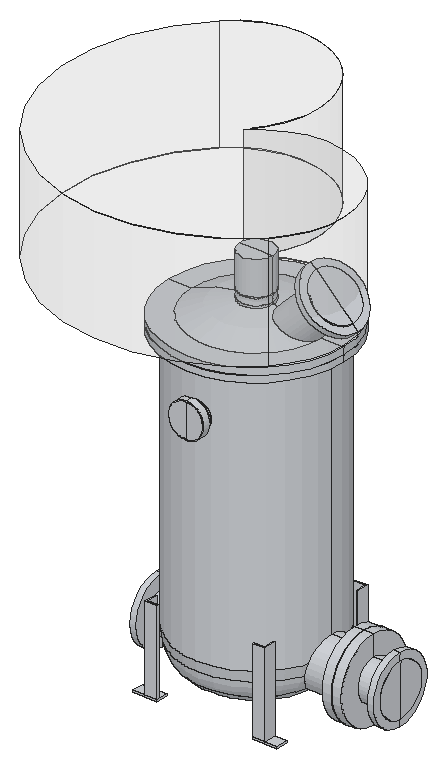
Revit family "Aquarevival_BSG25", category Mechanical Equipment, Revit 2018
Family settings
  Round Connector Dimension = Use Diameter
  Part Type = Normal
  OmniClass Number = 23.75.00.00
  OmniClass Title = Climate Control (HVAC)
  Work Plane-Based = No
  Always vertical = Yes
  Cut with Voids When Loaded = No
  Shared = No
  Room Calculation Point = No
Parameters
  Panel Location (0-4) [instance] = 0
  Panel 4 [instance] = [Panel Location (0-4)] = 4  # no
  Panel 3 [instance] = [Panel Location (0-4)] = 3  # no
  Panel 2 [instance] = [Panel Location (0-4)] = 2  # no
  Panel 1 [instance] = not(or([Panel Location (0-4)] = 2, [Panel Location (0-4)] = 3, [Panel Location (0-4)] = 4, [Panel Location (0-4)] = 0))  # no
  Outlet = 0' - 6"
  Model = "BSG25"
  Manufacturer = "Aqua Revival LLC"
  Keynote = ""
  Inlet = 0' - 6"
  Filter Discharge Rotation [instance] = 0.00°
  Filter Clearance Rotation [instance] = 0.00°
  Drain = 0' - 6"
  Description = "Regenerative Media Filter"
Reference planes (in)
  plane 1 "Center (Front/Back)": y = 0
  plane 2: z = 0
  plane 3 "Center (Left/Right)": x = 0
Forms (in)
  Revolve 1, solid
    sketch origin (-2.42435, 0, 0.85603) x (1, 0, 0) y (0, 0, 1)
      loop
        line (-14.12767, 5.39286) -> (2.50798, 5.39286) -> (2.50798, 8.70536) -> (-13.12766, 8.70536) -> (-13.12766, 10.89286) -> (-14.12767, 10.89286) -> (-14.12767, 5.39286)
      axis (-14.12767, 5.39286) -> (2.50798, 5.39286)
    angle from 0 to 360
  Extrusion 2, solid
    sketch origin (-2.42435, 0, 0.85603) x (0, 1, 0) y (0, 0, 1)
      loop
        circle (0, 5.39286) r 3.25
    from -14.26766 to -14.12767
  Revolve 3, solid
    sketch origin (0, -55.24083, 0.73959) x (0, 1, 0) y (0, 0, 1)
      loop
        line (40.62187, 45.49946) -> (44.12187, 45.49946) -> (44.12187, 47.76786) -> (42.49057, 47.76786) -> (42.39687, 47.86156) -> (42.39687, 48.01786) -> (41.87187, 48.01786) -> (41.87187, 48.41208) -> (40.71557, 48.41208) -> (40.62187, 48.31823) -> (40.62187, 45.49946)
      axis (40.62187, 45.49946) -> (44.12187, 45.49946)
    angle from 0 to 360
  Extrusion 4, solid
    sketch origin (0, 0, 0) x (1, 0, 0) y (0, 1, 0)
      loop
        line (-11.92656, -10.65994) -> (-7.91428, -10.65994) -> (-7.91428, -8.65994) -> (-11.92656, -8.65994) -> (-11.92656, -10.65994)
      loop
        line (11.92656, -10.65994) -> (11.92656, -8.65994) -> (7.91428, -8.65994) -> (7.91428, -10.65994) -> (11.92656, -10.65994)
      loop
        line (-11.92656, 10.65994) -> (-11.92656, 8.65994) -> (-7.91428, 8.65994) -> (-7.91428, 10.65994) -> (-11.92656, 10.65994)
      loop
        line (11.92656, 10.65994) -> (7.91428, 10.65994) -> (7.91428, 8.65994) -> (11.92656, 8.65994) -> (11.92656, 10.65994)
    from 0 to 0.25
  Extrusion 5, solid
    sketch origin (0, 0, 0) x (1, 0, 0) y (0, 1, 0)
      loop
        line (-7.91428, -10.65994) -> (-7.91428, -10.40994) -> (-9.67042, -10.40994) -> (-9.67042, -8.65994) -> (-9.92042, -8.65994) -> (-9.92042, -10.65994) -> (-7.91428, -10.65994)
      loop
        line (7.91428, -10.65994) -> (9.92042, -10.65994) -> (9.92042, -8.65994) -> (9.67042, -8.65994) -> (9.67042, -10.40994) -> (7.91428, -10.40994) -> (7.91428, -10.65994)
      loop
        line (-7.91428, 10.65994) -> (-9.92042, 10.65994) -> (-9.92042, 8.65994) -> (-9.67042, 8.65994) -> (-9.67042, 10.40994) -> (-7.91428, 10.40994) -> (-7.91428, 10.65994)
      loop
        line (7.91428, 10.65994) -> (7.91428, 10.40994) -> (9.67042, 10.40994) -> (9.67042, 8.65994) -> (9.92042, 8.65994) -> (9.92042, 10.65994) -> (7.91428, 10.65994)
    from 0.25 to 14.1875
  Extrusion 6, solid, visible <- "Panel 1"
    sketch origin (-0.01774, -3.35489, -0.08161) x (1, 0, 0) y (0, 1, 0)
      loop
        line (-26.32299, -12.86214) -> (-26.32299, -13.11014) -> (-27.35099, -13.11014) -> (-27.35099, -13.77514)
        arc (-27.35099, -13.77514) -> (-27.30413, -13.88828) -> (-27.19099, -13.93514) r 0.16
        line (-27.19099, -13.93514) -> (-11.87099, -13.93514)
        arc (-11.87099, -13.93514) -> (-11.76846, -13.89267) -> (-11.72599, -13.79014) r 0.145
        line (-11.72599, -13.79014) -> (-11.72599, -13.11014) -> (-12.65099, -13.11014) -> (-12.65099, -12.86215) -> (-11.62098, -12.86215)
        arc (-11.62098, -12.86215) -> (-11.51852, -12.81975) -> (-11.47597, -12.71735) r 0.14501
        line (-11.47597, -12.71735) -> (-11.47597, -7.00721)
        arc (-11.47597, -7.00721) -> (-11.51845, -6.90466) -> (-11.62101, -6.86218) r 0.14504
        line (-11.62101, -6.86218) -> (-27.331, -6.86218)
        arc (-27.331, -6.86218) -> (-27.43352, -6.90464) -> (-27.47598, -7.00716) r 0.14498
        line (-27.47598, -7.00716) -> (-27.47598, -12.71714)
        arc (-27.47598, -12.71714) -> (-27.43351, -12.81967) -> (-27.33099, -12.86214) r 0.145
        line (-27.33099, -12.86214) -> (-26.32299, -12.86214)
    from 35.1762 to 51.1012
  Extrusion 7, solid, visible <- "Panel 1"
    sketch origin (-0.01775, -3.35487, -0.08161) x (1, 0, 0) y (0, 1, 0)
      loop
        line (-27.47599, -6.86218) -> (-7.18378, -6.86218)
        arc (-7.18378, -6.86218) -> (-9.92977, -4.2146) -> (-11.74944, -0.86215) r 12.5
        line (-11.74944, -0.86215) -> (-27.47599, -0.86215) -> (-27.47599, -6.86218)
    from 50.9012 to 51.1012
  Extrusion 8, solid, visible <- "Panel 1"
    sketch origin (-0.01775, -3.35487, -0.08161) x (0, 1, 0) y (0, 0, 1)
      loop
        line (-6.86218, 50.9012) -> (-6.86218, 49.53074) -> (-6.61218, 49.53074) -> (-6.61218, 50.9012) -> (-6.86218, 50.9012)
    from -27.47599 to -7.47602
  Extrusion 9, solid, visible <- "Panel 1"
    sketch origin (-0.01775, -3.35487, 86.19579) x (0, -1, 0) y (-1, 0, 0)
      loop
        line (6.86218, 7.18378) -> (6.86218, 27.47599) -> (0.86215, 27.47599) -> (0.86215, 11.74944)
        arc (0.86215, 11.74944) -> (4.2146, 9.92977) -> (6.86218, 7.18378) r 12.5
    from 50.9012 to 51.1012
  Extrusion 10, solid, visible <- "Panel 1"
    sketch origin (-0.01775, -3.35487, 86.19579) x (0, 1, 0) y (0, 0, 1)
      loop
        line (-6.86218, -50.9012) -> (-6.61218, -50.9012) -> (-6.61218, -49.53074) -> (-6.86218, -49.53074) -> (-6.86218, -50.9012)
    from -27.47599 to -7.47599
  Revolve 11, solid, visible <- "Panel 1"
    sketch origin (-19.49372, -64.8959, -0.08161) x (0, -1, 0) y (0, 0, 1)
      loop
        line (-45.98085, 39.52627) -> (-45.98085, 40.27627)
        arc (-45.98085, 40.27627) -> (-46.1273, 40.62983) -> (-46.48085, 40.77627) r 0.5
        line (-46.48085, 40.77627) -> (-46.60585, 40.77627) -> (-46.60585, 40.02627) -> (-47.35585, 40.02627) -> (-47.35585, 40.10855) -> (-47.60585, 40.10855) -> (-47.60585, 39.52627) -> (-45.98085, 39.52627)
      axis (-47.60585, 39.52627) -> (-45.98085, 39.52627)
    angle from 0 to 360
  Revolve 12, solid
    sketch origin (0, 0, 0) x (1, 0, 0) y (0, 0, 1)
      loop
        line (0, 65.30547) -> (-2.75, 65.30547) -> (-2.75, 59.74297) -> (-2.75, 59.53467)
        arc (-2.75, 59.53467) -> (-2.69587, 58.99334) -> (-2.75, 58.45202) r 2.73402
        line (-2.75, 58.45202) -> (-2.75, 58.09177)
        arc (-2.75, 58.09177) -> (-6.80878, 57.3046) -> (-10.68411, 55.86405) r 25.1875
        line (-10.68411, 55.86405) -> (-14.5, 55.86405) -> (-14.5, 54.73906) -> (-14.34632, 54.73906) -> (-14.34632, 54.67656) -> (-14.5, 54.67656) -> (-14.5, 53.61405) -> (-12.5, 53.61405) -> (-12.5, 9.61405) -> (-12.1436, 7.81164)
        arc (-12.1436, 7.81164) -> (-11.75203, 6.26757) -> (-10.90607, 4.91782) r 5.13461
        arc (-10.90607, 4.91782) -> (-9.53802, 3.68247) -> (-7.91428, 2.81006) r 7.65294
        arc (-7.91428, 2.81006) -> (-4.0483, 1.46778) -> (0, 0.86889) r 21.88
        line (0, 0.86889) -> (0, 65.30547)
      axis (0, 65.30547) -> (0, 0.86889)
    angle from 0 to 360
  Revolve 13, solid
    sketch origin (0, 0, 0) x (1, 0, 0) y (0, 0, 1)
      loop
        line (23.97005, 8.23906) -> (23.97005, 12.48906) -> (23.83005, 12.48906) -> (23.83005, 13.73905) -> (22.83005, 13.73905) -> (22.83005, 11.55155) -> (19.41669, 11.55155) -> (19.41669, 14.98906) -> (17.89411, 14.98906) -> (17.89411, 14.95247) -> (17.84947, 14.95247) -> (17.84947, 14.98906) -> (16.34119, 14.98906) -> (16.34119, 12.55155) -> (6.09119, 12.55155) -> (6.09119, 8.23906) -> (23.97005, 8.23906)
      axis (6.09119, 8.23906) -> (23.97005, 8.23906)
    angle from 0 to 360
  Extrusion 14, solid, visible <- "Panel 2"
    sketch origin (0.01774, -3.35489, -0.08161) x (-1, 0, 0) y (0, -1, 0)
      loop
        line (-26.32299, 12.86214) -> (-27.33099, 12.86214)
        arc (-27.33099, 12.86214) -> (-27.43351, 12.81967) -> (-27.47598, 12.71714) r 0.145
        line (-27.47598, 12.71714) -> (-27.47598, 7.00716)
        arc (-27.47598, 7.00716) -> (-27.43352, 6.90464) -> (-27.331, 6.86218) r 0.14498
        line (-27.331, 6.86218) -> (-11.62101, 6.86218)
        arc (-11.62101, 6.86218) -> (-11.51845, 6.90466) -> (-11.47597, 7.00721) r 0.14504
        line (-11.47597, 7.00721) -> (-11.47597, 12.71735)
        arc (-11.47597, 12.71735) -> (-11.51852, 12.81975) -> (-11.62098, 12.86215) r 0.14501
        line (-11.62098, 12.86215) -> (-12.65099, 12.86215) -> (-12.65099, 13.11014) -> (-11.72599, 13.11014) -> (-11.72599, 13.79014)
        arc (-11.72599, 13.79014) -> (-11.76846, 13.89267) -> (-11.87099, 13.93514) r 0.145
        line (-11.87099, 13.93514) -> (-27.19099, 13.93514)
        arc (-27.19099, 13.93514) -> (-27.30413, 13.88828) -> (-27.35099, 13.77514) r 0.16
        line (-27.35099, 13.77514) -> (-27.35099, 13.11014) -> (-26.32299, 13.11014) -> (-26.32299, 12.86214)
    from 35.1762 to 51.1012
  Extrusion 15, solid, visible <- "Panel 2"
    sketch origin (0.01775, -3.35487, -0.08161) x (-1, 0, 0) y (0, -1, 0)
      loop
        line (-27.47599, 6.86218) -> (-27.47599, 0.86215) -> (-11.74944, 0.86215)
        arc (-11.74944, 0.86215) -> (-9.92977, 4.2146) -> (-7.18378, 6.86218) r 12.5
        line (-7.18378, 6.86218) -> (-27.47599, 6.86218)
    from 50.9012 to 51.1012
  Extrusion 16, solid, visible <- "Panel 2"
    sketch origin (0.01775, -3.35487, -0.08161) x (0, 1, 0) y (0, 0, -1)
      loop
        line (-6.86218, -50.9012) -> (-6.61218, -50.9012) -> (-6.61218, -49.53074) -> (-6.86218, -49.53074) -> (-6.86218, -50.9012)
    from -27.47599 to -7.47602
  Extrusion 17, solid, visible <- "Panel 2"
    sketch origin (0.01775, -3.35487, 86.19579) x (0, 1, 0) y (1, 0, 0)
      loop
        arc (-6.86218, 7.18378) -> (-4.2146, 9.92977) -> (-0.86215, 11.74944) r 12.5
        line (-0.86215, 11.74944) -> (-0.86215, 27.47599) -> (-6.86218, 27.47599) -> (-6.86218, 7.18378)
    from 50.9012 to 51.1012
  Extrusion 18, solid, visible <- "Panel 2"
    sketch origin (0.01775, -3.35487, 86.19579) x (0, 1, 0) y (0, 0, -1)
      loop
        line (-6.86218, 50.9012) -> (-6.86218, 49.53074) -> (-6.61218, 49.53074) -> (-6.61218, 50.9012) -> (-6.86218, 50.9012)
    from -27.47599 to -7.47599
  Revolve 19, solid, visible <- "Panel 2"
    sketch origin (19.49372, -64.8959, -0.08161) x (0, -1, 0) y (0, 0, -1)
      loop
        line (-45.98085, -39.52627) -> (-47.60585, -39.52627) -> (-47.60585, -40.10855) -> (-47.35585, -40.10855) -> (-47.35585, -40.02627) -> (-46.60585, -40.02627) -> (-46.60585, -40.77627) -> (-46.48085, -40.77627)
        arc (-46.48085, -40.77627) -> (-46.1273, -40.62983) -> (-45.98085, -40.27627) r 0.5
        line (-45.98085, -40.27627) -> (-45.98085, -39.52627)
      axis (-47.60585, -39.52627) -> (-45.98085, -39.52627)
    angle from 0 to 360
  Extrusion 20, solid, visible <- "Panel 3"
    sketch origin (0.01774, 3.35489, -0.08161) x (-1, 0, 0) y (0, -1, 0)
      loop
        line (-26.32299, -12.86214) -> (-26.32299, -13.11014) -> (-27.35099, -13.11014) -> (-27.35099, -13.77514)
        arc (-27.35099, -13.77514) -> (-27.30413, -13.88828) -> (-27.19099, -13.93514) r 0.16
        line (-27.19099, -13.93514) -> (-11.87099, -13.93514)
        arc (-11.87099, -13.93514) -> (-11.76846, -13.89267) -> (-11.72599, -13.79014) r 0.145
        line (-11.72599, -13.79014) -> (-11.72599, -13.11014) -> (-12.65099, -13.11014) -> (-12.65099, -12.86215) -> (-11.62098, -12.86215)
        arc (-11.62098, -12.86215) -> (-11.51852, -12.81975) -> (-11.47597, -12.71735) r 0.14501
        line (-11.47597, -12.71735) -> (-11.47597, -7.00721)
        arc (-11.47597, -7.00721) -> (-11.51845, -6.90466) -> (-11.62101, -6.86218) r 0.14504
        line (-11.62101, -6.86218) -> (-27.331, -6.86218)
        arc (-27.331, -6.86218) -> (-27.43352, -6.90464) -> (-27.47598, -7.00716) r 0.14498
        line (-27.47598, -7.00716) -> (-27.47598, -12.71714)
        arc (-27.47598, -12.71714) -> (-27.43351, -12.81967) -> (-27.33099, -12.86214) r 0.145
        line (-27.33099, -12.86214) -> (-26.32299, -12.86214)
    from 35.1762 to 51.1012
  Extrusion 21, solid, visible <- "Panel 3"
    sketch origin (0.01775, 3.35487, -0.08161) x (-1, 0, 0) y (0, -1, 0)
      loop
        line (-27.47599, -6.86218) -> (-7.18378, -6.86218)
        arc (-7.18378, -6.86218) -> (-9.92977, -4.2146) -> (-11.74944, -0.86215) r 12.5
        line (-11.74944, -0.86215) -> (-27.47599, -0.86215) -> (-27.47599, -6.86218)
    from 50.9012 to 51.1012
  Extrusion 22, solid, visible <- "Panel 3"
    sketch origin (0.01775, 3.35487, -0.08161) x (0, -1, 0) y (0, 0, 1)
      loop
        line (-6.86218, 50.9012) -> (-6.86218, 49.53074) -> (-6.61218, 49.53074) -> (-6.61218, 50.9012) -> (-6.86218, 50.9012)
    from -27.47599 to -7.47602
  Extrusion 23, solid, visible <- "Panel 3"
    sketch origin (0.01775, 3.35487, 86.19579) x (0, 1, 0) y (1, 0, 0)
      loop
        line (6.86218, 7.18378) -> (6.86218, 27.47599) -> (0.86215, 27.47599) -> (0.86215, 11.74944)
        arc (0.86215, 11.74944) -> (4.2146, 9.92977) -> (6.86218, 7.18378) r 12.5
    from 50.9012 to 51.1012
  Extrusion 24, solid, visible <- "Panel 3"
    sketch origin (0.01775, 3.35487, 86.19579) x (0, -1, 0) y (0, 0, 1)
      loop
        line (-6.86218, -50.9012) -> (-6.61218, -50.9012) -> (-6.61218, -49.53074) -> (-6.86218, -49.53074) -> (-6.86218, -50.9012)
    from -27.47599 to -7.47599
  Revolve 25, solid, visible <- "Panel 3"
    sketch origin (19.49372, 64.8959, -0.08161) x (0, 1, 0) y (0, 0, 1)
      loop
        line (-45.98085, 39.52627) -> (-45.98085, 40.27627)
        arc (-45.98085, 40.27627) -> (-46.1273, 40.62983) -> (-46.48085, 40.77627) r 0.5
        line (-46.48085, 40.77627) -> (-46.60585, 40.77627) -> (-46.60585, 40.02627) -> (-47.35585, 40.02627) -> (-47.35585, 40.10855) -> (-47.60585, 40.10855) -> (-47.60585, 39.52627) -> (-45.98085, 39.52627)
      axis (-47.60585, 39.52627) -> (-45.98085, 39.52627)
    angle from 0 to 360
  Extrusion 26, solid, visible <- "Panel 4"
    sketch origin (-0.01774, 3.35489, -0.08161) x (1, 0, 0) y (0, 1, 0)
      loop
        line (-26.32299, 12.86214) -> (-27.33099, 12.86214)
        arc (-27.33099, 12.86214) -> (-27.43351, 12.81967) -> (-27.47598, 12.71714) r 0.145
        line (-27.47598, 12.71714) -> (-27.47598, 7.00716)
        arc (-27.47598, 7.00716) -> (-27.43352, 6.90464) -> (-27.331, 6.86218) r 0.14498
        line (-27.331, 6.86218) -> (-11.62101, 6.86218)
        arc (-11.62101, 6.86218) -> (-11.51845, 6.90466) -> (-11.47597, 7.00721) r 0.14504
        line (-11.47597, 7.00721) -> (-11.47597, 12.71735)
        arc (-11.47597, 12.71735) -> (-11.51852, 12.81975) -> (-11.62098, 12.86215) r 0.14501
        line (-11.62098, 12.86215) -> (-12.65099, 12.86215) -> (-12.65099, 13.11014) -> (-11.72599, 13.11014) -> (-11.72599, 13.79014)
        arc (-11.72599, 13.79014) -> (-11.76846, 13.89267) -> (-11.87099, 13.93514) r 0.145
        line (-11.87099, 13.93514) -> (-27.19099, 13.93514)
        arc (-27.19099, 13.93514) -> (-27.30413, 13.88828) -> (-27.35099, 13.77514) r 0.16
        line (-27.35099, 13.77514) -> (-27.35099, 13.11014) -> (-26.32299, 13.11014) -> (-26.32299, 12.86214)
    from 35.1762 to 51.1012
  Extrusion 27, solid, visible <- "Panel 4"
    sketch origin (-0.01775, 3.35487, -0.08161) x (1, 0, 0) y (0, 1, 0)
      loop
        line (-27.47599, 6.86218) -> (-27.47599, 0.86215) -> (-11.74944, 0.86215)
        arc (-11.74944, 0.86215) -> (-9.92977, 4.2146) -> (-7.18378, 6.86218) r 12.5
        line (-7.18378, 6.86218) -> (-27.47599, 6.86218)
    from 50.9012 to 51.1012
  Extrusion 28, solid, visible <- "Panel 4"
    sketch origin (-0.01775, 3.35487, -0.08161) x (0, -1, 0) y (0, 0, -1)
      loop
        line (-6.86218, -50.9012) -> (-6.61218, -50.9012) -> (-6.61218, -49.53074) -> (-6.86218, -49.53074) -> (-6.86218, -50.9012)
    from -27.47599 to -7.47602
  Extrusion 29, solid, visible <- "Panel 4"
    sketch origin (-0.01775, 3.35487, 86.19579) x (0, -1, 0) y (-1, 0, 0)
      loop
        arc (-6.86218, 7.18378) -> (-4.2146, 9.92977) -> (-0.86215, 11.74944) r 12.5
        line (-0.86215, 11.74944) -> (-0.86215, 27.47599) -> (-6.86218, 27.47599) -> (-6.86218, 7.18378)
    from 50.9012 to 51.1012
  Extrusion 30, solid, visible <- "Panel 4"
    sketch origin (-0.01775, 3.35487, 86.19579) x (0, -1, 0) y (0, 0, -1)
      loop
        line (-6.86218, 50.9012) -> (-6.86218, 49.53074) -> (-6.61218, 49.53074) -> (-6.61218, 50.9012) -> (-6.86218, 50.9012)
    from -27.47599 to -7.47599
  Revolve 31, solid, visible <- "Panel 4"
    sketch origin (-19.49372, 64.8959, -0.08161) x (0, 1, 0) y (0, 0, -1)
      loop
        line (-45.98085, -39.52627) -> (-47.60585, -39.52627) -> (-47.60585, -40.10855) -> (-47.35585, -40.10855) -> (-47.35585, -40.02627) -> (-46.60585, -40.02627) -> (-46.60585, -40.77627) -> (-46.48085, -40.77627)
        arc (-46.48085, -40.77627) -> (-46.1273, -40.62983) -> (-45.98085, -40.27627) r 0.5
        line (-45.98085, -40.27627) -> (-45.98085, -39.52627)
      axis (-47.60585, -39.52627) -> (-45.98085, -39.52627)
    angle from 0 to 360
Cuts and joins
  joined: Revolve 1, Revolve 3, Extrusion 5
Lines and regions (in)
  reference lines
    curve 1: line (0, 0, 0) -> (19, 0, 0)
    curve 2: line (0, 0, 0) -> (0, 19, 0)
  model lines, style "Filter", visible <- "Panel 1"
    curve 3: line (-24.12213, -17.29003, 48.37699) -> (-15.74387, -17.29003, 48.37699)
    curve 4: line (-24.12213, -17.29003, 42.65973) -> (-24.12213, -17.29003, 48.37699)
    curve 5: line (-15.74387, -17.29003, 42.65973) -> (-24.12213, -17.29003, 42.65973)
    curve 6: line (-15.74387, -17.29003, 48.37699) -> (-15.74387, -17.29003, 42.65973)
    curve 7: line (-16.84245, -17.29003, 43.76639) -> (-23.02355, -17.29003, 43.76639)
    curve 8: line (-16.84245, -17.29003, 47.27033) -> (-16.84245, -17.29003, 43.76639)
    curve 9: line (-23.02355, -17.29003, 47.27033) -> (-16.84245, -17.29003, 47.27033)
    curve 10: line (-23.02355, -17.29003, 43.76639) -> (-23.02355, -17.29003, 47.27033)
    curve 11: arc (-13.99603, -17.29003, 43.56847) -> (-14.54721, -17.29003, 43.01729) -> (-13.99603, -17.29003, 42.46611) r 0.55118
    curve 12: arc (-13.99603, -17.29003, 42.46611) -> (-13.44485, -17.29003, 43.01729) -> (-13.99603, -17.29003, 43.56847) r 0.55118
    curve 13: arc (-13.99603, -17.29003, 42.58422) -> (-13.56296, -17.29003, 43.01729) -> (-13.99603, -17.29003, 43.45036) r 0.43307
    curve 14: arc (-13.99603, -17.29003, 43.45036) -> (-14.4291, -17.29003, 43.01729) -> (-13.99603, -17.29003, 42.58422) r 0.43307
    curve 15: arc (-13.99603, -17.29003, 43.34603) -> (-14.32477, -17.29003, 43.01729) -> (-13.99603, -17.29003, 42.68855) r 0.32874
    curve 16: arc (-13.99603, -17.29003, 42.68855) -> (-13.66729, -17.29003, 43.01729) -> (-13.99603, -17.29003, 43.34603) r 0.32874
    curve 17: line (-14.30613, -17.29003, 43.07241) -> (-13.68593, -17.29003, 43.07241)
    curve 18: line (-13.68593, -17.29003, 42.96217) -> (-14.30613, -17.29003, 42.96217)
  model lines, style "Filter", visible <- "Panel 2"
    curve 19: line (24.12213, -17.29003, 48.37699) -> (15.74387, -17.29003, 48.37699)
    curve 20: line (24.12213, -17.29003, 42.65973) -> (24.12213, -17.29003, 48.37699)
    curve 21: line (15.74387, -17.29003, 42.65973) -> (24.12213, -17.29003, 42.65973)
    curve 22: line (15.74387, -17.29003, 48.37699) -> (15.74387, -17.29003, 42.65973)
    curve 23: line (16.84245, -17.29003, 43.76639) -> (23.02355, -17.29003, 43.76639)
    curve 24: line (16.84245, -17.29003, 47.27033) -> (16.84245, -17.29003, 43.76639)
    curve 25: line (23.02355, -17.29003, 47.27033) -> (16.84245, -17.29003, 47.27033)
    curve 26: line (23.02355, -17.29003, 43.76639) -> (23.02355, -17.29003, 47.27033)
    curve 27: arc (13.99603, -17.29003, 43.56847) -> (14.54721, -17.29003, 43.01729) -> (13.99603, -17.29003, 42.46611) r 0.55118
    curve 28: arc (13.99603, -17.29003, 42.46611) -> (13.44485, -17.29003, 43.01729) -> (13.99603, -17.29003, 43.56847) r 0.55118
    curve 29: arc (13.99603, -17.29003, 42.58422) -> (13.56296, -17.29003, 43.01729) -> (13.99603, -17.29003, 43.45036) r 0.43307
    curve 30: arc (13.99603, -17.29003, 43.45036) -> (14.4291, -17.29003, 43.01729) -> (13.99603, -17.29003, 42.58422) r 0.43307
    curve 31: arc (13.99603, -17.29003, 43.34603) -> (14.32477, -17.29003, 43.01729) -> (13.99603, -17.29003, 42.68855) r 0.32874
    curve 32: arc (13.99603, -17.29003, 42.68855) -> (13.66729, -17.29003, 43.01729) -> (13.99603, -17.29003, 43.34603) r 0.32874
    curve 33: line (14.30613, -17.29003, 43.07241) -> (13.68593, -17.29003, 43.07241)
    curve 34: line (13.68593, -17.29003, 42.96217) -> (14.30613, -17.29003, 42.96217)
  model lines, style "Filter", visible <- "Panel 3"
    curve 35: line (24.12213, 17.29003, 48.37699) -> (15.74387, 17.29003, 48.37699)
    curve 36: line (24.12213, 17.29003, 42.65973) -> (24.12213, 17.29003, 48.37699)
    curve 37: line (15.74387, 17.29003, 42.65973) -> (24.12213, 17.29003, 42.65973)
    curve 38: line (15.74387, 17.29003, 48.37699) -> (15.74387, 17.29003, 42.65973)
    curve 39: line (16.84245, 17.29003, 43.76639) -> (23.02355, 17.29003, 43.76639)
    curve 40: line (16.84245, 17.29003, 47.27033) -> (16.84245, 17.29003, 43.76639)
    curve 41: line (23.02355, 17.29003, 47.27033) -> (16.84245, 17.29003, 47.27033)
    curve 42: line (23.02355, 17.29003, 43.76639) -> (23.02355, 17.29003, 47.27033)
    curve 43: arc (13.99603, 17.29003, 43.56847) -> (14.54721, 17.29003, 43.01729) -> (13.99603, 17.29003, 42.46611) r 0.55118
    curve 44: arc (13.99603, 17.29003, 42.46611) -> (13.44485, 17.29003, 43.01729) -> (13.99603, 17.29003, 43.56847) r 0.55118
    curve 45: arc (13.99603, 17.29003, 42.58422) -> (13.56296, 17.29003, 43.01729) -> (13.99603, 17.29003, 43.45036) r 0.43307
    curve 46: arc (13.99603, 17.29003, 43.45036) -> (14.4291, 17.29003, 43.01729) -> (13.99603, 17.29003, 42.58422) r 0.43307
    curve 47: arc (13.99603, 17.29003, 43.34603) -> (14.32477, 17.29003, 43.01729) -> (13.99603, 17.29003, 42.68855) r 0.32874
    curve 48: arc (13.99603, 17.29003, 42.68855) -> (13.66729, 17.29003, 43.01729) -> (13.99603, 17.29003, 43.34603) r 0.32874
    curve 49: line (14.30613, 17.29003, 43.07241) -> (13.68593, 17.29003, 43.07241)
    curve 50: line (13.68593, 17.29003, 42.96217) -> (14.30613, 17.29003, 42.96217)
  model lines, style "Filter", visible <- "Panel 4"
    curve 51: line (-24.12213, 17.29003, 48.37699) -> (-15.74387, 17.29003, 48.37699)
    curve 52: line (-24.12213, 17.29003, 42.65973) -> (-24.12213, 17.29003, 48.37699)
    curve 53: line (-15.74387, 17.29003, 42.65973) -> (-24.12213, 17.29003, 42.65973)
    curve 54: line (-15.74387, 17.29003, 48.37699) -> (-15.74387, 17.29003, 42.65973)
    curve 55: line (-16.84245, 17.29003, 43.76639) -> (-23.02355, 17.29003, 43.76639)
    curve 56: line (-16.84245, 17.29003, 47.27033) -> (-16.84245, 17.29003, 43.76639)
    curve 57: line (-23.02355, 17.29003, 47.27033) -> (-16.84245, 17.29003, 47.27033)
    curve 58: line (-23.02355, 17.29003, 43.76639) -> (-23.02355, 17.29003, 47.27033)
    curve 59: arc (-13.99603, 17.29003, 43.56847) -> (-14.54721, 17.29003, 43.01729) -> (-13.99603, 17.29003, 42.46611) r 0.55118
    curve 60: arc (-13.99603, 17.29003, 42.46611) -> (-13.44485, 17.29003, 43.01729) -> (-13.99603, 17.29003, 43.56847) r 0.55118
    curve 61: arc (-13.99603, 17.29003, 42.58422) -> (-13.56296, 17.29003, 43.01729) -> (-13.99603, 17.29003, 43.45036) r 0.43307
    curve 62: arc (-13.99603, 17.29003, 43.45036) -> (-14.4291, 17.29003, 43.01729) -> (-13.99603, 17.29003, 42.58422) r 0.43307
    curve 63: arc (-13.99603, 17.29003, 43.34603) -> (-14.32477, 17.29003, 43.01729) -> (-13.99603, 17.29003, 42.68855) r 0.32874
    curve 64: arc (-13.99603, 17.29003, 42.68855) -> (-13.66729, 17.29003, 43.01729) -> (-13.99603, 17.29003, 43.34603) r 0.32874
    curve 65: line (-14.30613, 17.29003, 43.07241) -> (-13.68593, 17.29003, 43.07241)
    curve 66: line (-13.68593, 17.29003, 42.96217) -> (-14.30613, 17.29003, 42.96217)
Dimensions and locks (in)
  "Filter Discharge Rotation": angle plane 1 "Center (Front/Back)" to curve 1
  "Filter Clearance Rotation": angle curve 2 to plane 3 "Center (Left/Right)"
  aligned and locked: level to plane 2
  aligned and locked: plane 3 "Center (Left/Right)" to curve 2
  aligned and locked: plane 1 "Center (Front/Back)" to curve 2
Automatic sketch dimensions
  Revolve 1 sketch curve to Revolve 1 sketch curve = 0' - 1"
  plane 3 "Center (Left/Right)" to Revolve 1 sketch curve = 0' - 0.08363"
  level to Revolve 1 sketch curve = 0' - 6.24889"
  Revolve 1 sketch curve to Revolve 1 sketch curve = 0' - 3 5/16"
  Revolve 1 sketch curve to Revolve 1 sketch curve = 0' - 2 3/16"
  Revolve 1 sketch curve to Revolve 1 sketch curve = 0' - 0"
  Extrusion 2 sketch curve to plane 1 "Center (Front/Back)" = 0' - 0"
  level to Extrusion 2 sketch curve = 0' - 6.24889"
  plane 1 "Center (Front/Back)" to Revolve 3 sketch curve = 1' - 2.61896"
  Revolve 3 sketch curve to Revolve 3 sketch curve = 0' - 0.0937"  (x4)
  Revolve 3 sketch curve to Revolve 3 sketch curve = 0' - 1.1563"
  Revolve 3 sketch curve to Revolve 3 sketch curve = 0' - 0.525"
  Revolve 3 sketch curve to Revolve 3 sketch curve = 0' - 1.6313"
  level to Revolve 3 sketch curve = 3' - 10.23906"
  Revolve 3 sketch curve to Revolve 3 sketch curve = 0' - 2.26839"
  Revolve 3 sketch curve to Revolve 3 sketch curve = 0' - 0.1563"
  Revolve 3 sketch curve to Revolve 3 sketch curve = 0' - 0.30037"
  Revolve 3 sketch curve to Revolve 3 sketch curve = 0' - 0.09385"
  Revolve 3 sketch curve to Revolve 3 sketch curve = 0' - 1"
  Revolve 3 sketch curve to Revolve 3 sketch curve = 0' - 0"
  Extrusion 6 sketch curve to Extrusion 6 sketch curve = 0' - 0 1/8"
  Extrusion 6 sketch curve to Extrusion 6 sketch curve = 0' - 0.14498"
  Extrusion 6 sketch curve to Extrusion 6 sketch curve = 0' - 0.145"  (x2)
  Extrusion 6 sketch curve to Extrusion 6 sketch curve = 0' - 0.16"
  Extrusion 6 sketch curve to Extrusion 6 sketch curve = 0' - 1.028"
  Extrusion 6 sketch curve to Extrusion 6 sketch curve = 0' - 0.10501"
  Extrusion 6 sketch curve to Extrusion 6 sketch curve = 0' - 0.14501"
  plane 1 "Center (Front/Back)" to Extrusion 6 sketch curve = 1' - 5.29003"
  Extrusion 6 sketch curve to Extrusion 6 sketch curve = 0' - 0.665"
  Extrusion 6 sketch curve to Extrusion 6 sketch curve = 0' - 0.68"
  Extrusion 6 sketch curve to Extrusion 6 sketch curve = 0' - 0.24799"
  Extrusion 6 sketch curve to Extrusion 6 sketch curve = 0' - 0.248"
  Extrusion 6 sketch curve to Extrusion 6 sketch curve = 0' - 0.14479"
  Extrusion 6 sketch curve to Extrusion 6 sketch curve = 0' - 5.70992"
  plane 1 "Center (Front/Back)" to Extrusion 7 sketch curve = 0' - 0"
  Extrusion 7 sketch curve to plane 3 "Center (Left/Right)" = 0' - 0"
  plane 1 "Center (Front/Back)" to Extrusion 7 sketch curve = 0' - 4.21702"
  plane 1 "Center (Front/Back)" to Extrusion 8 sketch curve = 0' - 10.21705"
  Extrusion 8 sketch curve to Extrusion 8 sketch curve = 0' - 0 1/4"
  level to Extrusion 8 sketch curve = 4' - 1.44913"
  Extrusion 8 sketch curve to Extrusion 8 sketch curve = 0' - 1.37046"
  plane 1 "Center (Front/Back)" to Extrusion 9 sketch curve = 0' - 0"
  Extrusion 9 sketch curve to plane 3 "Center (Left/Right)" = 0' - 0"
  plane 1 "Center (Front/Back)" to Extrusion 9 sketch curve = 0' - 4.21702"
  Extrusion 9 sketch curve to Extrusion 9 sketch curve = 0' - 6.00003"
  Extrusion 10 sketch curve to plane 1 "Center (Front/Back)" = 0' - 10.21705"
  Extrusion 10 sketch curve to Extrusion 10 sketch curve = 0' - 0 1/4"
  Extrusion 10 sketch curve to level = 3' - 0.66505"
  Extrusion 10 sketch curve to Extrusion 10 sketch curve = 0' - 1.37046"
  plane 1 "Center (Front/Back)" to Revolve 11 sketch curve = 1' - 5.29005"
  Revolve 11 sketch curve to Revolve 11 sketch curve = 0' - 0 1/4"  (x2)
  Revolve 11 sketch curve to Revolve 11 sketch curve = 0' - 0 3/4"
  Revolve 11 sketch curve to Revolve 11 sketch curve = 0' - 0 1/8"
  Revolve 11 sketch curve to Revolve 11 sketch curve = 0' - 0 5/8"
  level to Revolve 11 sketch curve = 3' - 3.44467"
  Revolve 11 sketch curve to Revolve 11 sketch curve = 0' - 0 1/2"  (x2)
  Revolve 11 sketch curve to Revolve 11 sketch curve = 0' - 0.08228"
  Revolve 11 sketch curve to Revolve 11 sketch curve = 0' - 0.57774"
  Revolve 11 sketch curve to Revolve 11 sketch curve = 0' - 0"  (x4)
  Revolve 11 sketch curve to Revolve 11 sketch curve = 0' - 0.35941"
  curve 11 to curve 12 = 0' - 0"  (x2)
  curve 11 to curve 13 = 0' - 0"  (x2)
  curve 11 to curve 14 = 0' - 0"  (x2)
  curve 11 to curve 15 = 0' - 0"  (x2)
  curve 11 to curve 16 = 0' - 0"  (x2)
  curve 12 to curve 13 = 0' - 0"  (x2)
  curve 12 to curve 14 = 0' - 0"  (x2)
  curve 12 to curve 15 = 0' - 0"  (x2)
  curve 12 to curve 16 = 0' - 0"  (x2)
  curve 13 to curve 14 = 0' - 0"  (x2)
  curve 13 to curve 15 = 0' - 0"  (x2)
  curve 13 to curve 16 = 0' - 0"  (x2)
  curve 14 to curve 15 = 0' - 0"  (x2)
  curve 14 to curve 16 = 0' - 0"  (x2)
  curve 15 to curve 16 = 0' - 0"  (x2)
  Extrusion 6 to curve 5 = 0' - 3.08661"
  curve 3 to curve 9 = 0' - 1.09858"
  curve 9 to Extrusion 6 = 0' - 4.95372"
  curve 7 to curve 5 = 0' - 1.09858"
  curve 5 to curve 13 = 0' - 1.74784"
  Extrusion 6 to curve 5 = 0' - 7.56514"
  curve 5 to curve 13 = 0' - 0.35756"
  curve 5 to curve 7 = 0' - 1.10666"
  curve 7 to curve 10 = 0' - 3.50394"
  curve 9 to curve 4 = 0' - 1.10666"
  curve 17 to curve 11 = 0' - 0.3101"
  curve 17 to curve 18 = 0' - 0"  (x2)
  curve 13 to curve 18 = 0' - 0.3101"
  curve 13 to curve 11 = 0' - 0.43307"
  curve 12 to curve 13 = 0' - 0.11811"
  curve 13 to curve 16 = 0' - 0.10433"
  curve 18 to curve 11 = 0' - 0.05512"
  curve 18 to curve 17 = 0' - 0.11024"
  Revolve 12 sketch curve to plane 3 "Center (Left/Right)" = 0' - 0"  (x3)
  Revolve 12 sketch curve to Revolve 12 sketch curve = 0' - 0.15368"
  Revolve 12 sketch curve to Revolve 12 sketch curve = 0' - 0"  (x3)
  Revolve 12 sketch curve to Revolve 12 sketch curve = 0' - 1.90058"
  Revolve 12 sketch curve to plane 3 "Center (Left/Right)" = 0' - 2 3/4"
  plane 3 "Center (Left/Right)" to Revolve 12 sketch curve = 0' - 1.16381"
  level to Revolve 12 sketch curve = 0' - 0.86889"
  level to Revolve 12 sketch curve = 0' - 7.81164"
  Revolve 12 sketch curve to Revolve 12 sketch curve = 0' - 0.47486"
  Revolve 12 sketch curve to Revolve 12 sketch curve = 0' - 1.80242"
  Revolve 12 sketch curve to Revolve 12 sketch curve = 0' - 1.65221"
  Revolve 12 sketch curve to Revolve 12 sketch curve = 1' - 0.77921"
  Revolve 12 sketch curve to Revolve 12 sketch curve = 0' - 10.33693"
  Revolve 12 sketch curve to Revolve 12 sketch curve = 1' - 8.55921"
  Revolve 12 sketch curve to Revolve 12 sketch curve = 0' - 1 1/16"
  Revolve 12 sketch curve to Revolve 12 sketch curve = 0' - 0 1/16"
  Revolve 12 sketch curve to Revolve 12 sketch curve = 0' - 1 1/8"
  Revolve 12 sketch curve to Revolve 12 sketch curve = 0' - 0.36024"
  Revolve 12 sketch curve to Revolve 12 sketch curve = 0' - 0.54133"
  Revolve 12 sketch curve to Revolve 12 sketch curve = 0' - 0.2083"
  Revolve 12 sketch curve to Revolve 12 sketch curve = 0' - 5 9/16"
  Revolve 12 sketch curve to Revolve 12 sketch curve = 0' - 1.24426"
  Revolve 12 sketch curve to Revolve 12 sketch curve = 0' - 4 1/4"
  plane 3 "Center (Left/Right)" to Revolve 13 sketch curve = 0' - 6.09119"
  Revolve 13 sketch curve to Revolve 13 sketch curve = 0' - 10 1/4"
  Revolve 13 sketch curve to Revolve 13 sketch curve = 0' - 1.50828"
  Revolve 13 sketch curve to Revolve 13 sketch curve = 0' - 0.04464"
  Revolve 13 sketch curve to Revolve 13 sketch curve = 0' - 3.0755"
  Revolve 13 sketch curve to Revolve 13 sketch curve = 0' - 3.41336"
  Revolve 13 sketch curve to Revolve 13 sketch curve = 0' - 1"
  Revolve 13 sketch curve to Revolve 13 sketch curve = 0' - 0.14"
  level to Revolve 13 sketch curve = 0' - 8.23906"
  Revolve 13 sketch curve to Revolve 13 sketch curve = 0' - 3 5/16"
  Revolve 13 sketch curve to Revolve 13 sketch curve = 0' - 0 15/16"
  Revolve 13 sketch curve to Revolve 13 sketch curve = 0' - 4 5/16"  (x2)
  Revolve 13 sketch curve to Revolve 13 sketch curve = 0' - 1 1/4"
  Revolve 13 sketch curve to Revolve 13 sketch curve = 0' - 2.40092"
  Revolve 13 sketch curve to Revolve 13 sketch curve = 0' - 0.03658"  (x2)
  Revolve 13 sketch curve to Revolve 13 sketch curve = 0' - 2"
  Revolve 13 sketch curve to Revolve 13 sketch curve = 0' - 0.9245"
  plane 1 "Center (Front/Back)" to Extrusion 14 sketch curve = 0' - 10.36205"
  plane 3 "Center (Left/Right)" to Extrusion 14 sketch curve = 2' - 3.49372"
  Extrusion 14 sketch curve to Extrusion 14 sketch curve = 0' - 0 1/8"
  Extrusion 14 sketch curve to Extrusion 14 sketch curve = 0' - 0.14498"
  Extrusion 14 sketch curve to Extrusion 14 sketch curve = 0' - 0.145"  (x2)
  Extrusion 14 sketch curve to Extrusion 14 sketch curve = 0' - 0.16"
  Extrusion 14 sketch curve to Extrusion 14 sketch curve = 0' - 1.028"
  plane 3 "Center (Left/Right)" to Extrusion 14 sketch curve = 1' - 0.66873"
  Extrusion 14 sketch curve to Extrusion 14 sketch curve = 0' - 0.78"
  Extrusion 14 sketch curve to Extrusion 14 sketch curve = 0' - 1.02998"
  Extrusion 14 sketch curve to Extrusion 14 sketch curve = 0' - 0.10501"
  Extrusion 14 sketch curve to Extrusion 14 sketch curve = 0' - 0.14501"
  Extrusion 14 sketch curve to Extrusion 14 sketch curve = 0' - 5.70992"
  Extrusion 14 sketch curve to Extrusion 14 sketch curve = 0' - 5.70998"
  Extrusion 14 sketch curve to Extrusion 14 sketch curve = 0' - 0.00021"
  Extrusion 14 sketch curve to Extrusion 14 sketch curve = 0' - 0.248"
  Extrusion 14 sketch curve to Extrusion 14 sketch curve = 0' - 0.24799"
  Extrusion 14 sketch curve to Extrusion 14 sketch curve = 0' - 0.665"
  plane 1 "Center (Front/Back)" to Extrusion 15 sketch curve = 0' - 0"
  Extrusion 15 sketch curve to plane 3 "Center (Left/Right)" = 0' - 0"
  plane 3 "Center (Left/Right)" to Extrusion 15 sketch curve = 0' - 7.20152"
  Extrusion 15 sketch curve to Extrusion 15 sketch curve = 0' - 4.56567"
  Extrusion 15 sketch curve to Extrusion 15 sketch curve = 1' - 3 93/128"
  plane 1 "Center (Front/Back)" to Extrusion 15 sketch curve = 0' - 4.21702"
  plane 1 "Center (Front/Back)" to Extrusion 16 sketch curve = 0' - 10.21705"
  Extrusion 16 sketch curve to Extrusion 16 sketch curve = 0' - 0 1/4"
  level to Extrusion 16 sketch curve = 4' - 2.81959"
  Extrusion 16 sketch curve to Extrusion 16 sketch curve = 0' - 1.37046"
  plane 1 "Center (Front/Back)" to Extrusion 17 sketch curve = 0' - 0"
  Extrusion 17 sketch curve to plane 3 "Center (Left/Right)" = 0' - 0"
  plane 1 "Center (Front/Back)" to Extrusion 17 sketch curve = 0' - 4.21702"
  Extrusion 17 sketch curve to Extrusion 17 sketch curve = 0' - 6.00003"
  plane 3 "Center (Left/Right)" to Extrusion 17 sketch curve = 0' - 7.20152"
  Extrusion 17 sketch curve to Extrusion 17 sketch curve = 1' - 3 93/128"
  plane 1 "Center (Front/Back)" to Extrusion 18 sketch curve = 0' - 10.21705"
  Extrusion 18 sketch curve to Extrusion 18 sketch curve = 0' - 0 1/4"
  level to Extrusion 18 sketch curve = 3' - 0.66505"
  Extrusion 18 sketch curve to Extrusion 18 sketch curve = 0' - 1.37046"
  plane 1 "Center (Front/Back)" to Revolve 19 sketch curve = 1' - 5.29005"
  Revolve 19 sketch curve to Revolve 19 sketch curve = 0' - 0 1/4"  (x2)
  Revolve 19 sketch curve to Revolve 19 sketch curve = 0' - 0 3/4"  (x2)
  Revolve 19 sketch curve to Revolve 19 sketch curve = 0' - 0 1/8"
  Revolve 19 sketch curve to Revolve 19 sketch curve = 0' - 0 5/8"
  level to Revolve 19 sketch curve = 3' - 4.69467"
  Revolve 19 sketch curve to Revolve 19 sketch curve = 0' - 0 1/2"
  Revolve 19 sketch curve to Revolve 19 sketch curve = 0' - 0.16772"
  Revolve 19 sketch curve to Revolve 19 sketch curve = 0' - 0.57774"
  Revolve 19 sketch curve to Revolve 19 sketch curve = 0' - 0"  (x4)
  Revolve 19 sketch curve to Revolve 19 sketch curve = 0' - 0.35941"
  curve 27 to curve 28 = 0' - 0"  (x2)
  curve 27 to curve 29 = 0' - 0"  (x2)
  curve 27 to curve 30 = 0' - 0"  (x2)
  curve 27 to curve 31 = 0' - 0"  (x2)
  curve 27 to curve 32 = 0' - 0"  (x2)
  curve 28 to curve 29 = 0' - 0"  (x2)
  curve 28 to curve 30 = 0' - 0"  (x2)
  curve 28 to curve 31 = 0' - 0"  (x2)
  curve 28 to curve 32 = 0' - 0"  (x2)
  curve 29 to curve 30 = 0' - 0"  (x2)
  curve 29 to curve 31 = 0' - 0"  (x2)
  curve 29 to curve 32 = 0' - 0"  (x2)
  curve 30 to curve 31 = 0' - 0"  (x2)
  curve 30 to curve 32 = 0' - 0"  (x2)
  curve 31 to curve 32 = 0' - 0"  (x2)
  Extrusion 14 to curve 21 = 0' - 3.08661"
  curve 19 to curve 25 = 0' - 1.09858"
  curve 25 to Extrusion 14 = 0' - 4.95372"
  curve 23 to curve 21 = 0' - 1.09858"
  curve 21 to curve 29 = 0' - 1.74784"
  Extrusion 14 to curve 19 = 0' - 2.6426"
  curve 19 to curve 25 = 0' - 1.10666"
  curve 25 to curve 23 = 0' - 3.50394"
  curve 23 to curve 31 = 0' - 0.7491"
  curve 23 to curve 22 = 0' - 1.10666"
  curve 33 to curve 27 = 0' - 0.3101"
  curve 33 to curve 34 = 0' - 0"  (x2)
  curve 29 to curve 34 = 0' - 0.3101"
  curve 27 to curve 27 = 0' - 0.55118"
  curve 27 to curve 30 = 0' - 0.11811"
  curve 29 to curve 31 = 0' - 0.10433"
  curve 33 to curve 27 = 0' - 0.05512"
  curve 33 to curve 34 = 0' - 0.11024"
  Extrusion 20 sketch curve to plane 1 "Center (Front/Back)" = 0' - 10.36205"
  plane 3 "Center (Left/Right)" to Extrusion 20 sketch curve = 2' - 3.49372"
  Extrusion 20 sketch curve to Extrusion 20 sketch curve = 0' - 0 1/8"
  Extrusion 20 sketch curve to Extrusion 20 sketch curve = 0' - 0.14498"
  Extrusion 20 sketch curve to Extrusion 20 sketch curve = 0' - 0.145"  (x2)
  Extrusion 20 sketch curve to Extrusion 20 sketch curve = 0' - 0.16"
  Extrusion 20 sketch curve to Extrusion 20 sketch curve = 0' - 1.028"
  plane 3 "Center (Left/Right)" to Extrusion 20 sketch curve = 1' - 0.66873"
  Extrusion 20 sketch curve to Extrusion 20 sketch curve = 0' - 0.78"
  Extrusion 20 sketch curve to Extrusion 20 sketch curve = 0' - 1.02998"
  Extrusion 20 sketch curve to Extrusion 20 sketch curve = 0' - 0.10501"
  Extrusion 20 sketch curve to Extrusion 20 sketch curve = 0' - 0.14501"
  Extrusion 20 sketch curve to Extrusion 20 sketch curve = 0' - 5.70992"
  Extrusion 20 sketch curve to Extrusion 20 sketch curve = 0' - 5.70998"
  Extrusion 20 sketch curve to Extrusion 20 sketch curve = 0' - 0.00021"
  Extrusion 20 sketch curve to Extrusion 20 sketch curve = 0' - 0.248"
  Extrusion 20 sketch curve to Extrusion 20 sketch curve = 0' - 0.24799"
  Extrusion 20 sketch curve to Extrusion 20 sketch curve = 0' - 0.665"
  plane 1 "Center (Front/Back)" to Extrusion 21 sketch curve = 0' - 0"
  Extrusion 21 sketch curve to plane 3 "Center (Left/Right)" = 0' - 0"
  plane 3 "Center (Left/Right)" to Extrusion 21 sketch curve = 0' - 7.20152"
  Extrusion 21 sketch curve to Extrusion 21 sketch curve = 0' - 4.56567"
  Extrusion 21 sketch curve to Extrusion 21 sketch curve = 1' - 3 93/128"
  Extrusion 21 sketch curve to plane 1 "Center (Front/Back)" = 0' - 4.21702"
  Extrusion 22 sketch curve to plane 1 "Center (Front/Back)" = 0' - 10.21705"
  Extrusion 22 sketch curve to Extrusion 22 sketch curve = 0' - 0 1/4"
  level to Extrusion 22 sketch curve = 4' - 1.44913"
  Extrusion 22 sketch curve to Extrusion 22 sketch curve = 0' - 1.37046"
  plane 1 "Center (Front/Back)" to Extrusion 23 sketch curve = 0' - 0"
  Extrusion 23 sketch curve to plane 3 "Center (Left/Right)" = 0' - 0"
  Extrusion 23 sketch curve to plane 1 "Center (Front/Back)" = 0' - 4.21702"
  Extrusion 23 sketch curve to Extrusion 23 sketch curve = 0' - 6.00003"
  plane 3 "Center (Left/Right)" to Extrusion 23 sketch curve = 0' - 7.20152"
  Extrusion 23 sketch curve to Extrusion 23 sketch curve = 1' - 3 93/128"
  Extrusion 24 sketch curve to plane 1 "Center (Front/Back)" = 0' - 10.21705"
  Extrusion 24 sketch curve to Extrusion 24 sketch curve = 0' - 0 1/4"
  level to Extrusion 24 sketch curve = 2' - 11.29459"
  Extrusion 24 sketch curve to Extrusion 24 sketch curve = 0' - 1.37046"
  Revolve 25 sketch curve to plane 1 "Center (Front/Back)" = 1' - 5.29005"
  Revolve 25 sketch curve to Revolve 25 sketch curve = 0' - 0 1/4"  (x2)
  Revolve 25 sketch curve to Revolve 25 sketch curve = 0' - 0 3/4"
  Revolve 25 sketch curve to Revolve 25 sketch curve = 0' - 0 1/8"
  Revolve 25 sketch curve to Revolve 25 sketch curve = 0' - 0 5/8"
  level to Revolve 25 sketch curve = 3' - 3.44467"
  Revolve 25 sketch curve to Revolve 25 sketch curve = 0' - 0 1/2"  (x2)
  Revolve 25 sketch curve to Revolve 25 sketch curve = 0' - 0.08228"
  Revolve 25 sketch curve to Revolve 25 sketch curve = 0' - 0.57774"
  Revolve 25 sketch curve to Revolve 25 sketch curve = 0' - 0"  (x4)
  Revolve 25 sketch curve to Revolve 25 sketch curve = 0' - 0.35941"
  curve 43 to curve 44 = 0' - 0"  (x2)
  curve 43 to curve 45 = 0' - 0"  (x2)
  curve 43 to curve 46 = 0' - 0"  (x2)
  curve 43 to curve 47 = 0' - 0"  (x2)
  curve 43 to curve 48 = 0' - 0"  (x2)
  curve 44 to curve 45 = 0' - 0"  (x2)
  curve 44 to curve 46 = 0' - 0"  (x2)
  curve 44 to curve 47 = 0' - 0"  (x2)
  curve 44 to curve 48 = 0' - 0"  (x2)
  curve 45 to curve 46 = 0' - 0"  (x2)
  curve 45 to curve 47 = 0' - 0"  (x2)
  curve 45 to curve 48 = 0' - 0"  (x2)
  curve 46 to curve 47 = 0' - 0"  (x2)
  curve 46 to curve 48 = 0' - 0"  (x2)
  curve 47 to curve 48 = 0' - 0"  (x2)
  Extrusion 20 to curve 37 = 0' - 3.08661"
  curve 35 to curve 41 = 0' - 1.09858"
  curve 41 to Extrusion 20 = 0' - 4.95372"
  curve 39 to curve 37 = 0' - 1.09858"
  curve 37 to curve 45 = 0' - 1.74784"
  Extrusion 20 to curve 37 = 0' - 7.56514"
  curve 37 to curve 45 = 0' - 0.35756"
  curve 37 to curve 39 = 0' - 1.10666"
  curve 39 to curve 42 = 0' - 3.50394"
  curve 41 to curve 36 = 0' - 1.10666"
  curve 49 to curve 43 = 0' - 0.3101"
  curve 50 to curve 49 = 0' - 0"  (x2)
  curve 45 to curve 50 = 0' - 0.3101"
  curve 45 to curve 43 = 0' - 0.43307"
  curve 44 to curve 45 = 0' - 0.11811"
  curve 45 to curve 48 = 0' - 0.10433"
  curve 50 to curve 43 = 0' - 0.05512"
  curve 50 to curve 49 = 0' - 0.11024"
  Extrusion 26 sketch curve to Extrusion 26 sketch curve = 0' - 0 1/8"
  Extrusion 26 sketch curve to Extrusion 26 sketch curve = 0' - 0.14498"
  Extrusion 26 sketch curve to Extrusion 26 sketch curve = 0' - 0.145"  (x2)
  Extrusion 26 sketch curve to Extrusion 26 sketch curve = 0' - 0.16"
  Extrusion 26 sketch curve to Extrusion 26 sketch curve = 0' - 1.028"
  Extrusion 26 sketch curve to Extrusion 26 sketch curve = 0' - 0.10501"
  Extrusion 26 sketch curve to Extrusion 26 sketch curve = 0' - 0.14501"
  Extrusion 26 sketch curve to plane 1 "Center (Front/Back)" = 0' - 10.21706"
  Extrusion 26 sketch curve to Extrusion 26 sketch curve = 0' - 5.70992"
  Extrusion 26 sketch curve to Extrusion 26 sketch curve = 0' - 5.70998"
  Extrusion 26 sketch curve to Extrusion 26 sketch curve = 0' - 0.00021"
  Extrusion 26 sketch curve to Extrusion 26 sketch curve = 0' - 0.248"
  Extrusion 26 sketch curve to Extrusion 26 sketch curve = 0' - 0.24799"
  Extrusion 26 sketch curve to Extrusion 26 sketch curve = 0' - 0.665"
  plane 1 "Center (Front/Back)" to Extrusion 27 sketch curve = 0' - 0"
  Extrusion 27 sketch curve to plane 3 "Center (Left/Right)" = 0' - 0"
  Extrusion 27 sketch curve to plane 1 "Center (Front/Back)" = 0' - 4.21702"
  Extrusion 28 sketch curve to plane 1 "Center (Front/Back)" = 0' - 10.21705"
  Extrusion 28 sketch curve to Extrusion 28 sketch curve = 0' - 0 1/4"
  level to Extrusion 28 sketch curve = 4' - 2.81959"
  Extrusion 28 sketch curve to Extrusion 28 sketch curve = 0' - 1.37046"
  plane 1 "Center (Front/Back)" to Extrusion 29 sketch curve = 0' - 0"
  Extrusion 29 sketch curve to plane 3 "Center (Left/Right)" = 0' - 0"
  Extrusion 29 sketch curve to plane 1 "Center (Front/Back)" = 0' - 4.21702"
  Extrusion 29 sketch curve to Extrusion 29 sketch curve = 0' - 6.00003"
  Extrusion 30 sketch curve to plane 1 "Center (Front/Back)" = 0' - 10.21705"
  Extrusion 30 sketch curve to Extrusion 30 sketch curve = 0' - 0 1/4"
  level to Extrusion 30 sketch curve = 3' - 0.66505"
  Extrusion 30 sketch curve to Extrusion 30 sketch curve = 0' - 1.37046"
  Revolve 31 sketch curve to plane 1 "Center (Front/Back)" = 1' - 5.29005"
  Revolve 31 sketch curve to Revolve 31 sketch curve = 0' - 0 1/4"  (x2)
  Revolve 31 sketch curve to Revolve 31 sketch curve = 0' - 0 3/4"  (x2)
  Revolve 31 sketch curve to Revolve 31 sketch curve = 0' - 0 1/8"
  Revolve 31 sketch curve to Revolve 31 sketch curve = 0' - 0 5/8"
  level to Revolve 31 sketch curve = 3' - 4.69467"
  Revolve 31 sketch curve to Revolve 31 sketch curve = 0' - 0 1/2"
  Revolve 31 sketch curve to Revolve 31 sketch curve = 0' - 0.16772"
  Revolve 31 sketch curve to Revolve 31 sketch curve = 0' - 0.57774"
  Revolve 31 sketch curve to Revolve 31 sketch curve = 0' - 0"  (x4)
  Revolve 31 sketch curve to Revolve 31 sketch curve = 0' - 0.35941"
  curve 59 to curve 60 = 0' - 0"  (x2)
  curve 59 to curve 61 = 0' - 0"  (x2)
  curve 59 to curve 62 = 0' - 0"  (x2)
  curve 59 to curve 63 = 0' - 0"  (x2)
  curve 59 to curve 64 = 0' - 0"  (x2)
  curve 60 to curve 61 = 0' - 0"  (x2)
  curve 60 to curve 62 = 0' - 0"  (x2)
  curve 60 to curve 63 = 0' - 0"  (x2)
  curve 60 to curve 64 = 0' - 0"  (x2)
  curve 61 to curve 62 = 0' - 0"  (x2)
  curve 61 to curve 63 = 0' - 0"  (x2)
  curve 61 to curve 64 = 0' - 0"  (x2)
  curve 62 to curve 63 = 0' - 0"  (x2)
  curve 62 to curve 64 = 0' - 0"  (x2)
  curve 63 to curve 64 = 0' - 0"  (x2)
  Extrusion 26 to curve 53 = 0' - 3.08661"
  curve 51 to curve 57 = 0' - 1.09858"
  curve 57 to Extrusion 26 = 0' - 4.95372"
  curve 55 to curve 53 = 0' - 1.09858"
  curve 53 to curve 61 = 0' - 1.74784"
  Extrusion 26 to curve 51 = 0' - 2.6426"
  curve 51 to curve 57 = 0' - 1.10666"
  curve 57 to curve 55 = 0' - 3.50394"
  curve 55 to curve 63 = 0' - 0.7491"
  curve 55 to curve 54 = 0' - 1.10666"
  curve 65 to curve 59 = 0' - 0.3101"
  curve 66 to curve 65 = 0' - 0"  (x2)
  curve 61 to curve 66 = 0' - 0.3101"
  curve 59 to curve 59 = 0' - 0.55118"
  curve 59 to curve 62 = 0' - 0.11811"
  curve 61 to curve 63 = 0' - 0.10433"
  curve 65 to curve 59 = 0' - 0.05512"
  curve 65 to curve 66 = 0' - 0.11024"
  Revolve 1 sketch curve to plane 3 "Center (Left/Right)" = 1' - 3.55202"
  Revolve 1 sketch curve to Revolve 1 sketch curve = 0' - 5 3/4"
  Revolve 1 sketch curve to Revolve 1 sketch curve = 0' - 2 1/4"
  plane 1 "Center (Front/Back)" to Extrusion 6 sketch curve = 0' - 10.36205"
  Extrusion 6 sketch curve to plane 3 "Center (Left/Right)" = 2' - 3.49372"
  Extrusion 6 sketch curve to plane 3 "Center (Left/Right)" = 1' - 0.66873"
  Extrusion 6 sketch curve to Extrusion 6 sketch curve = 0' - 0.78"
  Extrusion 7 sketch curve to plane 3 "Center (Left/Right)" = 0' - 7.20152"
  Extrusion 7 sketch curve to Extrusion 7 sketch curve = 0' - 4.56567"
  Extrusion 7 sketch curve to Extrusion 7 sketch curve = 1' - 3 93/128"
  Extrusion 9 sketch curve to plane 3 "Center (Left/Right)" = 0' - 7.20152"
  Extrusion 9 sketch curve to Extrusion 9 sketch curve = 1' - 3 93/128"
  Revolve 12 sketch curve to plane 3 "Center (Left/Right)" = 0' - 5.13042"
  Revolve 12 sketch curve to Revolve 12 sketch curve = 0' - 2.6799"
  Revolve 12 sketch curve to Revolve 12 sketch curve = 0' - 5.25421"
  Revolve 12 sketch curve to Revolve 12 sketch curve = 0' - 5.11261"
  Revolve 12 sketch curve to Revolve 12 sketch curve = 0' - 0.3564"
  Revolve 12 sketch curve to Revolve 12 sketch curve = 0' - 1.84632"
  Extrusion 26 sketch curve to plane 3 "Center (Left/Right)" = 2' - 3.49372"
  Extrusion 26 sketch curve to plane 3 "Center (Left/Right)" = 1' - 0.66873"
  Extrusion 26 sketch curve to Extrusion 26 sketch curve = 0' - 0.78"
  Extrusion 26 sketch curve to Extrusion 26 sketch curve = 0' - 0.14504"
  Extrusion 27 sketch curve to plane 3 "Center (Left/Right)" = 0' - 7.20152"
  Extrusion 27 sketch curve to Extrusion 27 sketch curve = 0' - 4.56567"
  Extrusion 27 sketch curve to Extrusion 27 sketch curve = 1' - 3 93/128"
  Extrusion 29 sketch curve to plane 3 "Center (Left/Right)" = 0' - 7.20152"
  Extrusion 29 sketch curve to Extrusion 29 sketch curve = 1' - 3 93/128"
  plane 3 "Center (Left/Right)" to Extrusion 5 sketch curve = 0' - 7.91428"  (x2)
  Extrusion 5 sketch curve to Extrusion 5 sketch curve = 0' - 1.75614"  (x4)
  Extrusion 5 sketch curve to Extrusion 5 sketch curve = 0' - 0 1/4"  (x8)
  plane 1 "Center (Front/Back)" to Extrusion 5 sketch curve = 0' - 10.65994"  (x2)
  Extrusion 5 sketch curve to Extrusion 5 sketch curve = 0' - 1 3/4"  (x4)
  Extrusion 5 sketch curve to plane 1 "Center (Front/Back)" = 0' - 8.65994"  (x2)
  plane 3 "Center (Left/Right)" to Extrusion 4 sketch curve = 0' - 7.91428"  (x2)
  Extrusion 4 sketch curve to Extrusion 4 sketch curve = 0' - 4.01228"  (x4)
  plane 1 "Center (Front/Back)" to Extrusion 4 sketch curve = 0' - 10.65994"  (x2)
  Extrusion 4 sketch curve to Extrusion 4 sketch curve = 0' - 2"  (x4)
  Extrusion 4 sketch curve to plane 1 "Center (Front/Back)" = 0' - 8.65994"  (x2)
  Extrusion 4 sketch curve to plane 3 "Center (Left/Right)" = 0' - 7.91428"  (x2)
  Extrusion 5 sketch curve to plane 3 "Center (Left/Right)" = 0' - 7.91428"  (x2)
  radius of Extrusion 2 sketch curve = 0' - 3 1/4"
Nested families (in)
  nested 1: "BSG25 - Clearance" at (0, 0, 0) x (0.7071, 0.7071, 0) z (0, 0, 1), type "BSG25 - Clearance"
  nested 2: "BSG25 - Discharge" at (0, 0, 0), type "BSG25 - Discharge"
Connectors (in)
  piping at (-16.55202, 0, 6.24889), diameter 6, driven by "Drain"
    settings: on cut or joined group of Revolve 1, Revolve 3, Extrusion 5, index 1, connector inside diameter 24", connector length 0' - 0", flow factor 0, pipe flow 0 GPM, pressure drop 0.00 psi, fitting loss kfactor 0, connector angle 0.00°, fixture units 0, engagement length 0' - 0", angle of deflection 0.00°, flow configuration 0, flow direction 0, fitting loss method 0, system type 7, joint type 0, gender type 0, connector reference index -1, connector utility 0, adjustable connector no, is connector primary yes, connector description ""
  piping at (12.98293, 0, 62.82953), diameter 6, driven by "Outlet"
    settings: on nested 2, index 2, connector inside diameter 24", connector length 0' - 0", flow factor 0, pipe flow 0 GPM, pressure drop 0.00 psi, fitting loss kfactor 0, connector angle 0.00°, fixture units 0, engagement length 0' - 0", angle of deflection 0.00°, flow configuration 0, flow direction 0, fitting loss method 0, system type 7, joint type 0, gender type 0, connector reference index -1, connector utility 0, adjustable connector no, is connector primary no, connector description ""
  piping at (23.83005, 0, 8.23906), diameter 6, driven by "Inlet"
    settings: on Revolve 13, index 3, connector inside diameter 24", connector length 0' - 0", flow factor 0, pipe flow 0 GPM, pressure drop 0.00 psi, fitting loss kfactor 0, connector angle 0.00°, fixture units 0, engagement length 0' - 0", angle of deflection 0.00°, flow configuration 0, flow direction 0, fitting loss method 0, system type 7, joint type 0, gender type 0, connector reference index -1, connector utility 0, adjustable connector no, is connector primary no, connector description ""
Definition of nested family "BSG25 - Clearance"
  Parameters (values of type "BSG25 - Clearance")
    Default Elevation = 4' - 0"
  Reference planes (in)
    plane 1 "Center (Front/Back)": y = 0
    plane 2: z = 0
    plane 3 "Center (Left/Right)": x = 0
  Forms (in)
    Extrusion 1, solid
      sketch origin (0, 0, 0) x (1, 0, 0) y (0, 1, 0)
        loop
          arc (0, 14.5) -> (14.5, 29) -> (0, 43.5) r 14.5
          arc (0, 43.5) -> (-29, 14.5) -> (0, -14.5) r 29
          arc (0, -14.5) -> (14.5, 0) -> (0, 14.5) r 14.5
      from 56 to 75
  Dimensions and locks (in)
    aligned and locked: level to plane 2
Definition of nested family "BSG25 - Discharge"
  Parameters (values of type "BSG25 - Discharge")
    Default Elevation = 4' - 0"
  Reference planes (in)
    plane 1 "Center (Front/Back)": y = 0
    plane 2: z = 0
    plane 3 "Center (Left/Right)": x = 0
  Forms (in)
    Revolve 1, solid
      sketch origin (4.93598, 0, 5.7332) x (1, 0, 0) y (0, 0, 1)
        loop
          line (5.00995, 58.71913) -> (-2.1389, 51.57028) -> (0.191, 49.24038) -> (8.14595, 57.19533) -> (5.15314, 60.18814) -> (5.05414, 60.08914) -> (4.17026, 60.97303) -> (3.46315, 60.26592) -> (5.00995, 58.71913)
        axis (8.14595, 57.19533) -> (0.191, 49.24038)
      angle from 0 to 360
  Dimensions and locks (in)
    aligned and locked: level to plane 2
